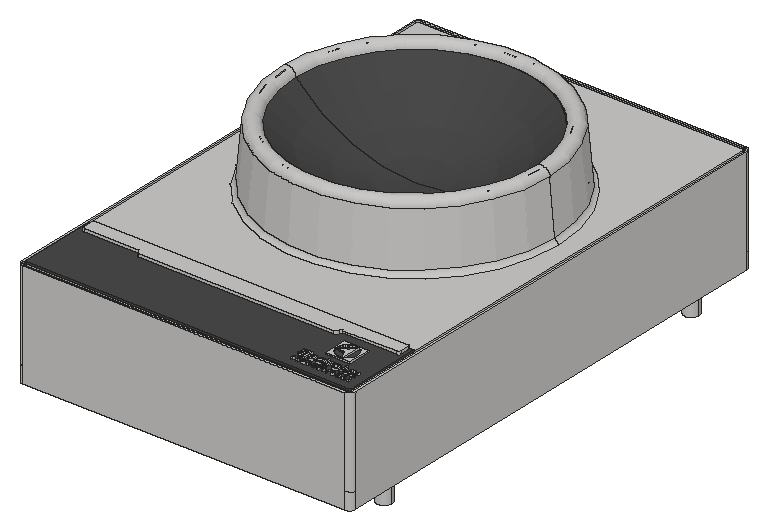
Revit family "QF_ELECTROLUXPROFESSIONAL_600905_E1HCEEOMCU", category Specialty Equipment, Revit 2018 (continued)
Automatic sketch dimensions
  Revolve 8 sketch curve to Revolve 8 sketch curve = 61.636 mm
  Revolve 8 sketch curve to Revolve 8 sketch curve = 1.364 mm
  Revolve 8 sketch curve to plane 19 = 64 mm
  Revolve 9 sketch curve to plane 5 "RIGHT" = 57.203 mm
  Revolve 9 sketch curve to Revolve 9 sketch curve = 2 mm
  radius of Extrusion 5 sketch curve = 9 mm  (x4)
  radius of Extrusion 6 sketch curve = 10 mm
Nested families
  nested 1: "ELX_Logo_Professional" at (-364.269, -185.263, 916), visible <- "Show Logo", type "ELX_Logo_Professional"
Connectors
  electrical at (-442.269, 179.737, 778.028)
    settings: on Extrusion 6, index 1, voltage 0 V, apparent load 0 VA, apparent load phase1 0 VA, apparent load phase2 0 VA, apparent load phase3 0 VA, power factor 1, load classification "Altro", number of poles 1, system type 30, power factor state 1, is connector primary yes, connector utility no, sub classification motor no, connector description "Electrical"
Definition of nested family "ELX_Logo_Professional"
  Parameters (values of type "ELX_Logo_Professional")
    Default Elevation = 0 mm
  Reference planes
    plane 1 "Centro (Fronte/Retro)": y = 0
    plane 2: z = 0
    plane 3 "Centro (Sinistra/Destra)": x = 0
  Forms (mm)
    Extrusion 1, solid
      sketch origin (0, 0, 0) x (1, 0, 0) y (0, 1, 0)
        loop
          line (-1219.2, 1219.2) -> (-1219.2, -1219.2) -> (1219.2, -1219.2) -> (1219.2, 1219.2) -> (-1219.2, 1219.2)
      from 0 to -304.8
    Extrusion 2, solid
      sketch origin (-144.622, -1081.55, 0) x (-1, 0, 0) y (0, -1, 0)
        loop
          line (-130.265, -1113.361) -> (-130.265, -1084.645) -> (-158.979, -1084.645) -> (-158.979, -1113.361) -> (-130.265, -1113.361)
        loop
          arc (-146.24, -1106.937) -> (-147.076, -1109.166) -> (-147.324, -1111.534) r 9.395
          arc (-147.324, -1111.534) -> (-145.139, -1111.806) -> (-142.939, -1111.706) r 13.008
          line (-142.939, -1111.706) -> (-141.329, -1111.382) -> (-139.8, -1110.859) -> (-138.364, -1110.152) -> (-137.035, -1109.277) -> (-135.826, -1108.249) -> (-134.751, -1107.081) -> (-133.821, -1105.789) -> (-133.05, -1104.389) -> (-132.452, -1102.893) -> (-132.039, -1101.318) -> (-131.824, -1099.675) -> (-134.539, -1099.675) -> (-136.155, -1099.784) -> (-137.741, -1100.101) -> (-139.277, -1100.613) -> (-140.74, -1101.304) -> (-142.111, -1102.159) -> (-143.367, -1103.165) -> (-144.488, -1104.306) -> (-145.453, -1105.568) -> (-146.24, -1106.937)
        loop
          line (-148.67, -1086.844) -> (-150.173, -1087.464) -> (-151.57, -1088.253) -> (-152.847, -1089.196) -> (-153.992, -1090.281) -> (-154.994, -1091.494) -> (-155.841, -1092.821) -> (-156.519, -1094.25) -> (-157.018, -1095.766) -> (-157.324, -1097.357) -> (-157.427, -1099.009) -> (-157.315, -1100.685) -> (-156.998, -1102.296) -> (-156.488, -1103.827) -> (-155.799, -1105.265) -> (-154.946, -1106.596) -> (-153.94, -1107.806) -> (-152.796, -1108.882) -> (-151.528, -1109.81) -> (-150.148, -1110.576) -> (-148.67, -1111.167) -> (-148.67, -1086.844)
        loop
          arc (-147.323, -1086.473) -> (-147.041, -1088.83) -> (-146.239, -1091.065) r 10.532
          line (-146.239, -1091.065) -> (-145.452, -1092.432) -> (-144.488, -1093.693) -> (-143.367, -1094.833) -> (-142.111, -1095.838) -> (-140.741, -1096.693) -> (-139.278, -1097.383) -> (-137.743, -1097.894) -> (-136.157, -1098.211) -> (-134.541, -1098.32) -> (-131.822, -1098.32) -> (-131.976, -1096.81) -> (-132.312, -1095.353) -> (-132.818, -1093.961) -> (-133.481, -1092.644) -> (-134.291, -1091.416) -> (-135.235, -1090.288) -> (-136.302, -1089.272) -> (-137.48, -1088.379) -> (-138.757, -1087.622) -> (-140.121, -1087.012) -> (-141.56, -1086.561) -> (-143.063, -1086.281) -> (-144.633, -1086.183)
          arc (-144.633, -1086.183) -> (-145.985, -1086.264) -> (-147.323, -1086.473) r 14.39
        loop
          line (-111.329, -1069.559) -> (-111.329, -1071.073) -> (-116.048, -1071.073) -> (-116.048, -1072.896) -> (-111.328, -1072.896) -> (-111.328, -1075.549) -> (-116.349, -1075.549) -> (-116.349, -1077.368) -> (-109.396, -1077.368) -> (-109.396, -1073.46) -> (-109.396, -1069.659)
          arc (-109.396, -1069.659) -> (-110.425, -1067.175) -> (-112.909, -1066.146) r 3.513
          line (-112.909, -1066.146) -> (-116.483, -1066.146) -> (-116.483, -1067.963) -> (-112.925, -1067.963)
          arc (-112.925, -1067.963) -> (-111.797, -1068.431) -> (-111.329, -1069.559) r 1.596
        loop
          line (-119.79, -1077.358) -> (-117.856, -1077.358) -> (-117.856, -1072.053) -> (-117.856, -1066.132) -> (-119.79, -1066.132) -> (-119.79, -1072.092) -> (-119.79, -1077.358)
        loop
          line (-122.986, -1069.718) -> (-129.327, -1069.718)
          arc (-129.327, -1069.718) -> (-129.219, -1071.449) -> (-128.497, -1073.026) r 4.757
          arc (-128.497, -1073.026) -> (-125.237, -1074.5) -> (-121.978, -1073.026) r 4.34
          arc (-121.978, -1073.026) -> (-121.072, -1070.207) -> (-121.978, -1067.388) r 4.838
          arc (-121.978, -1067.388) -> (-125.393, -1065.933) -> (-128.809, -1067.388) r 4.737
          line (-128.809, -1067.388) -> (-127.645, -1068.52)
          arc (-127.645, -1068.52) -> (-125.509, -1067.576) -> (-123.374, -1068.52) r 2.888
          arc (-123.374, -1068.52) -> (-123.05, -1069.077) -> (-122.986, -1069.718) r 1.527
        loop
          arc (-127.386, -1071.076) -> (-126.67, -1072.331) -> (-125.331, -1072.872) r 2.201
          arc (-125.331, -1072.872) -> (-123.848, -1072.402) -> (-123.033, -1071.076) r 2.23
          line (-123.033, -1071.076) -> (-127.386, -1071.076)
        loop
          line (-136.862, -1071.886) -> (-138.059, -1073.132)
          arc (-138.059, -1073.132) -> (-130.327, -1070.219) -> (-138.059, -1067.306) r 4.415
          line (-138.059, -1067.306) -> (-136.862, -1068.553)
          arc (-136.862, -1068.553) -> (-132.252, -1070.22) -> (-136.862, -1071.886) r 2.606
        loop
          line (-141.192, -1069.673) -> (-141.192, -1072.494) -> (-142.951, -1072.494) -> (-142.951, -1074.25) -> (-141.195, -1074.25) -> (-141.195, -1077.358) -> (-139.262, -1077.358) -> (-139.262, -1073.332) -> (-139.262, -1069.514)
          arc (-139.262, -1069.514) -> (-140.299, -1066.92) -> (-142.98, -1066.132) r 3.196
          line (-142.98, -1066.132) -> (-142.987, -1067.949)
          arc (-142.987, -1067.949) -> (-141.652, -1068.356) -> (-141.192, -1069.673) r 1.542
        loop
          line (-146.494, -1073.042) -> (-146.494, -1074.25) -> (-144.576, -1074.25) -> (-144.576, -1070.271) -> (-144.576, -1066.132) -> (-146.494, -1066.132) -> (-146.494, -1070.401)
          arc (-146.494, -1070.401) -> (-147.446, -1072.228) -> (-149.489, -1072.494) r 2.229
          line (-149.489, -1072.494) -> (-149.489, -1074.362)
          arc (-149.489, -1074.362) -> (-147.761, -1074.226) -> (-146.494, -1073.042) r 2.627
        loop
          line (-159.833, -1072.246) -> (-159.833, -1066.131) -> (-161.767, -1066.131) -> (-161.767, -1072.17) -> (-161.767, -1077.359) -> (-159.833, -1077.359) -> (-159.833, -1072.246)
        loop
          line (-165.194, -1069.514) -> (-165.194, -1074.25) -> (-163.245, -1074.25) -> (-163.245, -1071.898) -> (-163.245, -1069.098)
          arc (-163.245, -1069.098) -> (-166.96, -1065.769) -> (-170.687, -1069.085) r 3.745
          line (-170.687, -1069.085) -> (-170.687, -1071.898) -> (-170.687, -1074.25) -> (-168.739, -1074.25) -> (-168.739, -1069.514)
          arc (-168.739, -1069.514) -> (-166.967, -1067.742) -> (-165.194, -1069.514) r 1.772
        loop
          line (-174.654, -1070.416) -> (-172.975, -1068.078) -> (-171.578, -1066.131) -> (-173.656, -1066.131) -> (-175.717, -1068.999) -> (-177.779, -1066.131) -> (-179.857, -1066.131) -> (-178, -1068.728) -> (-176.781, -1070.433) -> (-178.29, -1072.488) -> (-179.583, -1074.25) -> (-177.473, -1074.25) -> (-175.717, -1071.818) -> (-173.945, -1074.25) -> (-171.852, -1074.25) -> (-173.052, -1072.608) -> (-174.654, -1070.416)
        loop
          circle (-154.223, -1070.188) r 2.508
        loop
          circle (-154.223, -1070.188) r 4.42
        loop
          line (-110.224, -1058.542) -> (-111.194, -1058.542)
          arc (-111.194, -1058.542) -> (-112.217, -1059.95) -> (-110.924, -1061.114) r 1.3
          line (-110.924, -1061.114) -> (-109.424, -1061.114) -> (-109.424, -1057.223) -> (-110.224, -1057.223) -> (-110.224, -1058.542)
        loop
          line (-110.224, -1060.379) -> (-110.224, -1059.293) -> (-111.03, -1059.293)
          arc (-111.03, -1059.293) -> (-111.43, -1059.836) -> (-111.03, -1060.379) r 0.569
          line (-111.03, -1060.379) -> (-110.224, -1060.379)
        loop
          line (-116.302, -1058.564) -> (-117.128, -1058.564) -> (-117.934, -1057.223) -> (-118.841, -1057.223) -> (-117.833, -1058.884)
          arc (-117.833, -1058.884) -> (-118.214, -1060.282) -> (-117.028, -1061.114) r 1.26
          line (-117.028, -1061.114) -> (-115.503, -1061.114) -> (-115.503, -1057.223) -> (-116.302, -1057.223) -> (-116.302, -1058.564)
        loop
          line (-116.302, -1060.379) -> (-116.302, -1059.293) -> (-117.109, -1059.293)
          arc (-117.109, -1059.293) -> (-117.508, -1059.836) -> (-117.109, -1060.379) r 0.569
          line (-117.109, -1060.379) -> (-116.302, -1060.379)
        loop
          line (-128.923, -1057.223) -> (-129.723, -1057.223) -> (-129.723, -1058.714) -> (-131.187, -1058.714) -> (-131.187, -1059.514) -> (-129.723, -1059.514) -> (-129.723, -1060.314) -> (-131.327, -1060.314) -> (-131.327, -1061.114) -> (-128.923, -1061.114) -> (-128.923, -1057.223)
        loop
          arc (-134.628, -1058.469) -> (-134.992, -1057.588) -> (-135.874, -1057.223) r 1.246
          line (-135.874, -1057.223) -> (-137.13, -1057.223) -> (-137.13, -1058.023) -> (-135.969, -1058.023)
          arc (-135.969, -1058.023) -> (-135.53, -1058.237) -> (-135.427, -1058.714) r 0.558
          line (-135.427, -1058.714) -> (-136.984, -1058.714) -> (-136.984, -1059.514) -> (-135.427, -1059.514) -> (-135.427, -1060.314) -> (-137.092, -1060.314) -> (-137.092, -1061.114) -> (-134.628, -1061.114) -> (-134.628, -1058.469)
        loop
          line (-152.3, -1057.223) -> (-153.1, -1057.223) -> (-153.1, -1061.114) -> (-152.3, -1061.114) -> (-152.3, -1057.223)
        loop
          line (-164.67, -1057.223) -> (-164.67, -1059.67) -> (-166.45, -1057.223) -> (-167.25, -1057.223) -> (-167.25, -1061.114) -> (-166.42, -1061.114) -> (-166.42, -1058.594) -> (-164.64, -1061.114) -> (-163.84, -1061.114) -> (-163.84, -1057.223) -> (-164.67, -1057.223)
        loop
          line (-170.403, -1057.223) -> (-171.262, -1057.223) -> (-171.641, -1058.063) -> (-173.08, -1058.063) -> (-173.459, -1057.223) -> (-174.317, -1057.223) -> (-172.796, -1061.113) -> (-171.996, -1061.113) -> (-170.403, -1057.223)
        loop
          line (-177.493, -1057.223) -> (-179.789, -1057.223) -> (-179.789, -1058.023) -> (-178.293, -1058.023) -> (-178.293, -1061.114) -> (-177.493, -1061.114) -> (-177.493, -1057.223)
        loop
          line (-172.362, -1059.848) -> (-171.945, -1058.83) -> (-172.76, -1058.83) -> (-172.362, -1059.848)
        loop
          circle (-158.484, -1059.145) r 1.288
        loop
          circle (-158.484, -1059.145) r 2.065
        loop
          arc (-146.04, -1058.095) -> (-146.933, -1057.275) -> (-148.145, -1057.245) r 1.725
          arc (-148.145, -1057.245) -> (-148.965, -1058.02) -> (-148.68, -1059.111) r 1.107
          arc (-148.68, -1059.111) -> (-148.103, -1059.465) -> (-147.486, -1059.746) r 5.523
          arc (-147.486, -1059.746) -> (-147.147, -1060.262) -> (-147.708, -1060.52) r 0.407
          arc (-147.708, -1060.52) -> (-148.045, -1060.315) -> (-148.325, -1060.038) r 1.702
          line (-148.325, -1060.038) -> (-149.011, -1060.45)
          arc (-149.011, -1060.45) -> (-148.578, -1060.911) -> (-148.043, -1061.247) r 2.463
          arc (-148.043, -1061.247) -> (-146.373, -1060.466) -> (-147.42, -1058.949) r 1.207
          spline (-147.42, -1058.949) -> (-147.716, -1058.809) -> (-147.932, -1058.678) -> (-148.077, -1058.557) -> (-148.163, -1058.446) -> (-148.198, -1058.347) -> (-148.192, -1058.258) -> (-148.157, -1058.182) -> (-148.102, -1058.118) -> (-148.037, -1058.068) -> (-147.972, -1058.031) -> (-147.917, -1058.008) -> (-147.883, -1058)
          arc (-147.883, -1058) -> (-147.238, -1058.014) -> (-146.759, -1058.446) r 0.925
          line (-146.759, -1058.446) -> (-146.04, -1058.095)
        loop
          arc (-140.18, -1058.095) -> (-141.073, -1057.275) -> (-142.285, -1057.245) r 1.725
          arc (-142.285, -1057.245) -> (-143.106, -1058.02) -> (-142.821, -1059.111) r 1.107
          arc (-142.821, -1059.111) -> (-142.243, -1059.465) -> (-141.627, -1059.746) r 5.523
          arc (-141.627, -1059.746) -> (-141.287, -1060.262) -> (-141.849, -1060.52) r 0.407
          arc (-141.849, -1060.52) -> (-142.185, -1060.315) -> (-142.466, -1060.038) r 1.702
          line (-142.466, -1060.038) -> (-143.151, -1060.45)
          arc (-143.151, -1060.45) -> (-142.719, -1060.911) -> (-142.183, -1061.247) r 2.463
          arc (-142.183, -1061.247) -> (-140.513, -1060.466) -> (-141.56, -1058.949) r 1.207
          spline (-141.56, -1058.949) -> (-141.856, -1058.809) -> (-142.072, -1058.678) -> (-142.218, -1058.557) -> (-142.303, -1058.446) -> (-142.338, -1058.347) -> (-142.333, -1058.258) -> (-142.298, -1058.182) -> (-142.242, -1058.118) -> (-142.177, -1058.068) -> (-142.112, -1058.031) -> (-142.057, -1058.008) -> (-142.023, -1058)
          arc (-142.023, -1058) -> (-141.378, -1058.014) -> (-140.9, -1058.446) r 0.925
          line (-140.9, -1058.446) -> (-140.18, -1058.095)
        loop
          circle (-123.484, -1059.145) r 1.288
        loop
          circle (-123.484, -1059.145) r 2.065
      from 0 to 1.6
  Dimensions and locks
    aligned and locked: plane 2 to Extrusion 1
    aligned and locked: level to Extrusion 1
Types (2, lengths in mm): name | Volts | URL | Manufacturer | Phase | Model | Item Number | Description | Cycle
  (no name) | 0 V | "" | "" | 0 | "" | "" | "" | 0 Hz
  Standard | 220 V | "http://professional.electrolux.com" | "Electrolux Professional" | 1 | "E1HCEEOMCS" | "600881" | "PLUG-IN INDUCTION WOK" | 60 Hz
